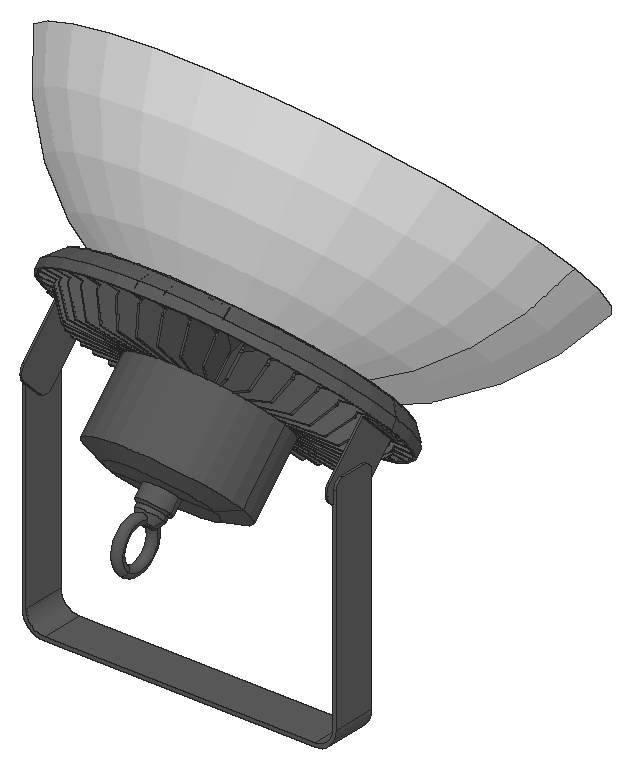
Revit family "0039365+0039353+0039356 Sylvania Lighting Fixture START HighBay IP65 DALI 13000lm 840 WB with BRACKET and ALU SHADE ALU COLOR FOR 13 19KLM", category Lighting Fixtures, host Face, Revit 2016 (continued)
Definition of nested family "Start LED Highbay DALI Head"
  Nested families
    nested 6: "Start Highbay Rib" at (0, 0, 80.875) x (0.7071, 0.7071, 0) z (0, 0, 1), type "Type Name", detail levels medium+fine
      with SuspensionHeight_FEILO 2.6 mm, WidthStraight_FEILO 4.7 mm, WidthRingChamfer_FEILO 12.9 mm, WidthCurved_FEILO 26.2 mm, WidthCurvedRing_FEILO 4.7 mm, SizeS_FEILO no, Rib4_FEILO 14.6 mm, Rib3_FEILO 20.2 mm, Rib2_FEILO 4.5 mm, Rib1_FEILO 19 mm, RadiusDiffuser_FEILO 120 mm, RHRadius3_FEILO 8.6 mm, RHRadius2_FEILO 14 mm, RHRadius1_FEILO 17.7 mm, RHHeight4_FEILO 9.2 mm, RHHeight3_FEILO 4.6 mm, RHHeight2_FEILO 2.6 mm, RHHeight1_FEILO 17.4 mm, HeightRing_FEILO 36.8 mm, HeightRingChamfer_FEILO 26.6 mm, EyeThickness_FEILO 10.5 mm, EyeThicknessHalf_FEILO 5.25 mm, EyeInner_FEILO 17.3 mm, DriverVerticalStraight_FEILO 57 mm, DriverVerticalChamfer_FEILO 9.5 mm, DriverRadius_FEILO 76.4 mm, DriverRadiusTop_FEILO 52.4 mm, DriverBottom_FEILO 74 mm, Radius_FEILO 169.5 mm
    nested 7: "Start Highbay Rib" at (0, 0, 80.875) x (0.5878, 0.809, 0) z (0, 0, 1), type "Type Name", detail levels medium+fine
      with SuspensionHeight_FEILO 2.6 mm, WidthStraight_FEILO 4.7 mm, WidthRingChamfer_FEILO 12.9 mm, WidthCurved_FEILO 26.2 mm, WidthCurvedRing_FEILO 4.7 mm, SizeS_FEILO no, Rib4_FEILO 14.6 mm, Rib3_FEILO 20.2 mm, Rib2_FEILO 4.5 mm, Rib1_FEILO 19 mm, RadiusDiffuser_FEILO 120 mm, RHRadius3_FEILO 8.6 mm, RHRadius2_FEILO 14 mm, RHRadius1_FEILO 17.7 mm, RHHeight4_FEILO 9.2 mm, RHHeight3_FEILO 4.6 mm, RHHeight2_FEILO 2.6 mm, RHHeight1_FEILO 17.4 mm, HeightRing_FEILO 36.8 mm, HeightRingChamfer_FEILO 26.6 mm, EyeThickness_FEILO 10.5 mm, EyeThicknessHalf_FEILO 5.25 mm, EyeInner_FEILO 17.3 mm, DriverVerticalStraight_FEILO 57 mm, DriverVerticalChamfer_FEILO 9.5 mm, DriverRadius_FEILO 76.4 mm, DriverRadiusTop_FEILO 52.4 mm, DriverBottom_FEILO 74 mm, Radius_FEILO 169.5 mm
    nested 8: "Start Highbay Rib" at (0, 0, 80.875) x (0.454, 0.891, 0) z (0, 0, 1), type "Type Name", detail levels medium+fine
      with SuspensionHeight_FEILO 2.6 mm, WidthStraight_FEILO 4.7 mm, WidthRingChamfer_FEILO 12.9 mm, WidthCurved_FEILO 26.2 mm, WidthCurvedRing_FEILO 4.7 mm, SizeS_FEILO no, Rib4_FEILO 14.6 mm, Rib3_FEILO 20.2 mm, Rib2_FEILO 4.5 mm, Rib1_FEILO 19 mm, RadiusDiffuser_FEILO 120 mm, RHRadius3_FEILO 8.6 mm, RHRadius2_FEILO 14 mm, RHRadius1_FEILO 17.7 mm, RHHeight4_FEILO 9.2 mm, RHHeight3_FEILO 4.6 mm, RHHeight2_FEILO 2.6 mm, RHHeight1_FEILO 17.4 mm, HeightRing_FEILO 36.8 mm, HeightRingChamfer_FEILO 26.6 mm, EyeThickness_FEILO 10.5 mm, EyeThicknessHalf_FEILO 5.25 mm, EyeInner_FEILO 17.3 mm, DriverVerticalStraight_FEILO 57 mm, DriverVerticalChamfer_FEILO 9.5 mm, DriverRadius_FEILO 76.4 mm, DriverRadiusTop_FEILO 52.4 mm, DriverBottom_FEILO 74 mm, Radius_FEILO 169.5 mm
    nested 9: "Start Highbay Rib" at (0, 0, 80.875) x (0.309, 0.9511, 0) z (0, 0, 1), type "Type Name", detail levels medium+fine
      with SuspensionHeight_FEILO 2.6 mm, WidthStraight_FEILO 4.7 mm, WidthRingChamfer_FEILO 12.9 mm, WidthCurved_FEILO 26.2 mm, WidthCurvedRing_FEILO 4.7 mm, SizeS_FEILO no, Rib4_FEILO 14.6 mm, Rib3_FEILO 20.2 mm, Rib2_FEILO 4.5 mm, Rib1_FEILO 19 mm, RadiusDiffuser_FEILO 120 mm, RHRadius3_FEILO 8.6 mm, RHRadius2_FEILO 14 mm, RHRadius1_FEILO 17.7 mm, RHHeight4_FEILO 9.2 mm, RHHeight3_FEILO 4.6 mm, RHHeight2_FEILO 2.6 mm, RHHeight1_FEILO 17.4 mm, HeightRing_FEILO 36.8 mm, HeightRingChamfer_FEILO 26.6 mm, EyeThickness_FEILO 10.5 mm, EyeThicknessHalf_FEILO 5.25 mm, EyeInner_FEILO 17.3 mm, DriverVerticalStraight_FEILO 57 mm, DriverVerticalChamfer_FEILO 9.5 mm, DriverRadius_FEILO 76.4 mm, DriverRadiusTop_FEILO 52.4 mm, DriverBottom_FEILO 74 mm, Radius_FEILO 169.5 mm
    nested 10: "Start Highbay Rib" at (0, 0, 80.875) x (0.1564, 0.9877, 0) z (0, 0, 1), type "Type Name", detail levels medium+fine
      with SuspensionHeight_FEILO 2.6 mm, WidthStraight_FEILO 4.7 mm, WidthRingChamfer_FEILO 12.9 mm, WidthCurved_FEILO 26.2 mm, WidthCurvedRing_FEILO 4.7 mm, SizeS_FEILO no, Rib4_FEILO 14.6 mm, Rib3_FEILO 20.2 mm, Rib2_FEILO 4.5 mm, Rib1_FEILO 19 mm, RadiusDiffuser_FEILO 120 mm, RHRadius3_FEILO 8.6 mm, RHRadius2_FEILO 14 mm, RHRadius1_FEILO 17.7 mm, RHHeight4_FEILO 9.2 mm, RHHeight3_FEILO 4.6 mm, RHHeight2_FEILO 2.6 mm, RHHeight1_FEILO 17.4 mm, HeightRing_FEILO 36.8 mm, HeightRingChamfer_FEILO 26.6 mm, EyeThickness_FEILO 10.5 mm, EyeThicknessHalf_FEILO 5.25 mm, EyeInner_FEILO 17.3 mm, DriverVerticalStraight_FEILO 57 mm, DriverVerticalChamfer_FEILO 9.5 mm, DriverRadius_FEILO 76.4 mm, DriverRadiusTop_FEILO 52.4 mm, DriverBottom_FEILO 74 mm, Radius_FEILO 169.5 mm
    nested 11: "Start Highbay Rib" at (0, 0, 80.875) x (0, 1, 0) z (0, 0, 1), type "Type Name", detail levels medium+fine
      with SuspensionHeight_FEILO 2.6 mm, WidthStraight_FEILO 4.7 mm, WidthRingChamfer_FEILO 12.9 mm, WidthCurved_FEILO 26.2 mm, WidthCurvedRing_FEILO 4.7 mm, SizeS_FEILO no, Rib4_FEILO 14.6 mm, Rib3_FEILO 20.2 mm, Rib2_FEILO 4.5 mm, Rib1_FEILO 19 mm, RadiusDiffuser_FEILO 120 mm, RHRadius3_FEILO 8.6 mm, RHRadius2_FEILO 14 mm, RHRadius1_FEILO 17.7 mm, RHHeight4_FEILO 9.2 mm, RHHeight3_FEILO 4.6 mm, RHHeight2_FEILO 2.6 mm, RHHeight1_FEILO 17.4 mm, HeightRing_FEILO 36.8 mm, HeightRingChamfer_FEILO 26.6 mm, EyeThickness_FEILO 10.5 mm, EyeThicknessHalf_FEILO 5.25 mm, EyeInner_FEILO 17.3 mm, DriverVerticalStraight_FEILO 57 mm, DriverVerticalChamfer_FEILO 9.5 mm, DriverRadius_FEILO 76.4 mm, DriverRadiusTop_FEILO 52.4 mm, DriverBottom_FEILO 74 mm, Radius_FEILO 169.5 mm
    nested 12: "Start Highbay Rib" at (0, 0, 80.875) x (-0.1564, 0.9877, 0) z (0, 0, 1), type "Type Name", detail levels medium+fine
      with SuspensionHeight_FEILO 2.6 mm, WidthStraight_FEILO 4.7 mm, WidthRingChamfer_FEILO 12.9 mm, WidthCurved_FEILO 26.2 mm, WidthCurvedRing_FEILO 4.7 mm, SizeS_FEILO no, Rib4_FEILO 14.6 mm, Rib3_FEILO 20.2 mm, Rib2_FEILO 4.5 mm, Rib1_FEILO 19 mm, RadiusDiffuser_FEILO 120 mm, RHRadius3_FEILO 8.6 mm, RHRadius2_FEILO 14 mm, RHRadius1_FEILO 17.7 mm, RHHeight4_FEILO 9.2 mm, RHHeight3_FEILO 4.6 mm, RHHeight2_FEILO 2.6 mm, RHHeight1_FEILO 17.4 mm, HeightRing_FEILO 36.8 mm, HeightRingChamfer_FEILO 26.6 mm, EyeThickness_FEILO 10.5 mm, EyeThicknessHalf_FEILO 5.25 mm, EyeInner_FEILO 17.3 mm, DriverVerticalStraight_FEILO 57 mm, DriverVerticalChamfer_FEILO 9.5 mm, DriverRadius_FEILO 76.4 mm, DriverRadiusTop_FEILO 52.4 mm, DriverBottom_FEILO 74 mm, Radius_FEILO 169.5 mm
    nested 13: "Start Highbay Rib" at (0, 0, 80.875) x (-0.309, 0.9511, 0) z (0, 0, 1), type "Type Name", detail levels medium+fine
      with SuspensionHeight_FEILO 2.6 mm, WidthStraight_FEILO 4.7 mm, WidthRingChamfer_FEILO 12.9 mm, WidthCurved_FEILO 26.2 mm, WidthCurvedRing_FEILO 4.7 mm, SizeS_FEILO no, Rib4_FEILO 14.6 mm, Rib3_FEILO 20.2 mm, Rib2_FEILO 4.5 mm, Rib1_FEILO 19 mm, RadiusDiffuser_FEILO 120 mm, RHRadius3_FEILO 8.6 mm, RHRadius2_FEILO 14 mm, RHRadius1_FEILO 17.7 mm, RHHeight4_FEILO 9.2 mm, RHHeight3_FEILO 4.6 mm, RHHeight2_FEILO 2.6 mm, RHHeight1_FEILO 17.4 mm, HeightRing_FEILO 36.8 mm, HeightRingChamfer_FEILO 26.6 mm, EyeThickness_FEILO 10.5 mm, EyeThicknessHalf_FEILO 5.25 mm, EyeInner_FEILO 17.3 mm, DriverVerticalStraight_FEILO 57 mm, DriverVerticalChamfer_FEILO 9.5 mm, DriverRadius_FEILO 76.4 mm, DriverRadiusTop_FEILO 52.4 mm, DriverBottom_FEILO 74 mm, Radius_FEILO 169.5 mm
    nested 14: "Start Highbay Rib" at (0, 0, 80.875) x (-0.454, 0.891, 0) z (0, 0, 1), type "Type Name", detail levels medium+fine
      with SuspensionHeight_FEILO 2.6 mm, WidthStraight_FEILO 4.7 mm, WidthRingChamfer_FEILO 12.9 mm, WidthCurved_FEILO 26.2 mm, WidthCurvedRing_FEILO 4.7 mm, SizeS_FEILO no, Rib4_FEILO 14.6 mm, Rib3_FEILO 20.2 mm, Rib2_FEILO 4.5 mm, Rib1_FEILO 19 mm, RadiusDiffuser_FEILO 120 mm, RHRadius3_FEILO 8.6 mm, RHRadius2_FEILO 14 mm, RHRadius1_FEILO 17.7 mm, RHHeight4_FEILO 9.2 mm, RHHeight3_FEILO 4.6 mm, RHHeight2_FEILO 2.6 mm, RHHeight1_FEILO 17.4 mm, HeightRing_FEILO 36.8 mm, HeightRingChamfer_FEILO 26.6 mm, EyeThickness_FEILO 10.5 mm, EyeThicknessHalf_FEILO 5.25 mm, EyeInner_FEILO 17.3 mm, DriverVerticalStraight_FEILO 57 mm, DriverVerticalChamfer_FEILO 9.5 mm, DriverRadius_FEILO 76.4 mm, DriverRadiusTop_FEILO 52.4 mm, DriverBottom_FEILO 74 mm, Radius_FEILO 169.5 mm
    nested 15: "Start Highbay Rib" at (0, 0, 80.875) x (-0.5878, 0.809, 0) z (0, 0, 1), type "Type Name", detail levels medium+fine
      with SuspensionHeight_FEILO 2.6 mm, WidthStraight_FEILO 4.7 mm, WidthRingChamfer_FEILO 12.9 mm, WidthCurved_FEILO 26.2 mm, WidthCurvedRing_FEILO 4.7 mm, SizeS_FEILO no, Rib4_FEILO 14.6 mm, Rib3_FEILO 20.2 mm, Rib2_FEILO 4.5 mm, Rib1_FEILO 19 mm, RadiusDiffuser_FEILO 120 mm, RHRadius3_FEILO 8.6 mm, RHRadius2_FEILO 14 mm, RHRadius1_FEILO 17.7 mm, RHHeight4_FEILO 9.2 mm, RHHeight3_FEILO 4.6 mm, RHHeight2_FEILO 2.6 mm, RHHeight1_FEILO 17.4 mm, HeightRing_FEILO 36.8 mm, HeightRingChamfer_FEILO 26.6 mm, EyeThickness_FEILO 10.5 mm, EyeThicknessHalf_FEILO 5.25 mm, EyeInner_FEILO 17.3 mm, DriverVerticalStraight_FEILO 57 mm, DriverVerticalChamfer_FEILO 9.5 mm, DriverRadius_FEILO 76.4 mm, DriverRadiusTop_FEILO 52.4 mm, DriverBottom_FEILO 74 mm, Radius_FEILO 169.5 mm
    nested 16: "Start Highbay Rib" at (0, 0, 80.875) x (-0.7071, 0.7071, 0) z (0, 0, 1), type "Type Name", detail levels medium+fine
      with SuspensionHeight_FEILO 2.6 mm, WidthStraight_FEILO 4.7 mm, WidthRingChamfer_FEILO 12.9 mm, WidthCurved_FEILO 26.2 mm, WidthCurvedRing_FEILO 4.7 mm, SizeS_FEILO no, Rib4_FEILO 14.6 mm, Rib3_FEILO 20.2 mm, Rib2_FEILO 4.5 mm, Rib1_FEILO 19 mm, RadiusDiffuser_FEILO 120 mm, RHRadius3_FEILO 8.6 mm, RHRadius2_FEILO 14 mm, RHRadius1_FEILO 17.7 mm, RHHeight4_FEILO 9.2 mm, RHHeight3_FEILO 4.6 mm, RHHeight2_FEILO 2.6 mm, RHHeight1_FEILO 17.4 mm, HeightRing_FEILO 36.8 mm, HeightRingChamfer_FEILO 26.6 mm, EyeThickness_FEILO 10.5 mm, EyeThicknessHalf_FEILO 5.25 mm, EyeInner_FEILO 17.3 mm, DriverVerticalStraight_FEILO 57 mm, DriverVerticalChamfer_FEILO 9.5 mm, DriverRadius_FEILO 76.4 mm, DriverRadiusTop_FEILO 52.4 mm, DriverBottom_FEILO 74 mm, Radius_FEILO 169.5 mm
    nested 17: "Start Highbay Rib" at (0, 0, 80.875) x (-0.809, 0.5878, 0) z (0, 0, 1), type "Type Name", detail levels medium+fine
      with SuspensionHeight_FEILO 2.6 mm, WidthStraight_FEILO 4.7 mm, WidthRingChamfer_FEILO 12.9 mm, WidthCurved_FEILO 26.2 mm, WidthCurvedRing_FEILO 4.7 mm, SizeS_FEILO no, Rib4_FEILO 14.6 mm, Rib3_FEILO 20.2 mm, Rib2_FEILO 4.5 mm, Rib1_FEILO 19 mm, RadiusDiffuser_FEILO 120 mm, RHRadius3_FEILO 8.6 mm, RHRadius2_FEILO 14 mm, RHRadius1_FEILO 17.7 mm, RHHeight4_FEILO 9.2 mm, RHHeight3_FEILO 4.6 mm, RHHeight2_FEILO 2.6 mm, RHHeight1_FEILO 17.4 mm, HeightRing_FEILO 36.8 mm, HeightRingChamfer_FEILO 26.6 mm, EyeThickness_FEILO 10.5 mm, EyeThicknessHalf_FEILO 5.25 mm, EyeInner_FEILO 17.3 mm, DriverVerticalStraight_FEILO 57 mm, DriverVerticalChamfer_FEILO 9.5 mm, DriverRadius_FEILO 76.4 mm, DriverRadiusTop_FEILO 52.4 mm, DriverBottom_FEILO 74 mm, Radius_FEILO 169.5 mm
    nested 18: "Start Highbay Rib" at (0, 0, 80.875) x (-0.891, 0.454, 0) z (0, 0, 1), type "Type Name", detail levels medium+fine
      with SuspensionHeight_FEILO 2.6 mm, WidthStraight_FEILO 4.7 mm, WidthRingChamfer_FEILO 12.9 mm, WidthCurved_FEILO 26.2 mm, WidthCurvedRing_FEILO 4.7 mm, SizeS_FEILO no, Rib4_FEILO 14.6 mm, Rib3_FEILO 20.2 mm, Rib2_FEILO 4.5 mm, Rib1_FEILO 19 mm, RadiusDiffuser_FEILO 120 mm, RHRadius3_FEILO 8.6 mm, RHRadius2_FEILO 14 mm, RHRadius1_FEILO 17.7 mm, RHHeight4_FEILO 9.2 mm, RHHeight3_FEILO 4.6 mm, RHHeight2_FEILO 2.6 mm, RHHeight1_FEILO 17.4 mm, HeightRing_FEILO 36.8 mm, HeightRingChamfer_FEILO 26.6 mm, EyeThickness_FEILO 10.5 mm, EyeThicknessHalf_FEILO 5.25 mm, EyeInner_FEILO 17.3 mm, DriverVerticalStraight_FEILO 57 mm, DriverVerticalChamfer_FEILO 9.5 mm, DriverRadius_FEILO 76.4 mm, DriverRadiusTop_FEILO 52.4 mm, DriverBottom_FEILO 74 mm, Radius_FEILO 169.5 mm
    nested 19: "Start Highbay Rib" at (0, 0, 80.875) x (-0.9511, 0.309, 0) z (0, 0, 1), type "Type Name", detail levels medium+fine
      with SuspensionHeight_FEILO 2.6 mm, WidthStraight_FEILO 4.7 mm, WidthRingChamfer_FEILO 12.9 mm, WidthCurved_FEILO 26.2 mm, WidthCurvedRing_FEILO 4.7 mm, SizeS_FEILO no, Rib4_FEILO 14.6 mm, Rib3_FEILO 20.2 mm, Rib2_FEILO 4.5 mm, Rib1_FEILO 19 mm, RadiusDiffuser_FEILO 120 mm, RHRadius3_FEILO 8.6 mm, RHRadius2_FEILO 14 mm, RHRadius1_FEILO 17.7 mm, RHHeight4_FEILO 9.2 mm, RHHeight3_FEILO 4.6 mm, RHHeight2_FEILO 2.6 mm, RHHeight1_FEILO 17.4 mm, HeightRing_FEILO 36.8 mm, HeightRingChamfer_FEILO 26.6 mm, EyeThickness_FEILO 10.5 mm, EyeThicknessHalf_FEILO 5.25 mm, EyeInner_FEILO 17.3 mm, DriverVerticalStraight_FEILO 57 mm, DriverVerticalChamfer_FEILO 9.5 mm, DriverRadius_FEILO 76.4 mm, DriverRadiusTop_FEILO 52.4 mm, DriverBottom_FEILO 74 mm, Radius_FEILO 169.5 mm
    nested 20: "Start Highbay Rib" at (0, 0, 80.875) x (-0.9877, 0.1564, 0) z (0, 0, 1), type "Type Name", detail levels medium+fine
      with SuspensionHeight_FEILO 2.6 mm, WidthStraight_FEILO 4.7 mm, WidthRingChamfer_FEILO 12.9 mm, WidthCurved_FEILO 26.2 mm, WidthCurvedRing_FEILO 4.7 mm, SizeS_FEILO no, Rib4_FEILO 14.6 mm, Rib3_FEILO 20.2 mm, Rib2_FEILO 4.5 mm, Rib1_FEILO 19 mm, RadiusDiffuser_FEILO 120 mm, RHRadius3_FEILO 8.6 mm, RHRadius2_FEILO 14 mm, RHRadius1_FEILO 17.7 mm, RHHeight4_FEILO 9.2 mm, RHHeight3_FEILO 4.6 mm, RHHeight2_FEILO 2.6 mm, RHHeight1_FEILO 17.4 mm, HeightRing_FEILO 36.8 mm, HeightRingChamfer_FEILO 26.6 mm, EyeThickness_FEILO 10.5 mm, EyeThicknessHalf_FEILO 5.25 mm, EyeInner_FEILO 17.3 mm, DriverVerticalStraight_FEILO 57 mm, DriverVerticalChamfer_FEILO 9.5 mm, DriverRadius_FEILO 76.4 mm, DriverRadiusTop_FEILO 52.4 mm, DriverBottom_FEILO 74 mm, Radius_FEILO 169.5 mm
    nested 21: "Start Highbay Rib" at (0, 0, 80.875) x (-1, 0, 0) z (0, 0, 1), type "Type Name", detail levels medium+fine
      with SuspensionHeight_FEILO 2.6 mm, WidthStraight_FEILO 4.7 mm, WidthRingChamfer_FEILO 12.9 mm, WidthCurved_FEILO 26.2 mm, WidthCurvedRing_FEILO 4.7 mm, SizeS_FEILO no, Rib4_FEILO 14.6 mm, Rib3_FEILO 20.2 mm, Rib2_FEILO 4.5 mm, Rib1_FEILO 19 mm, RadiusDiffuser_FEILO 120 mm, RHRadius3_FEILO 8.6 mm, RHRadius2_FEILO 14 mm, RHRadius1_FEILO 17.7 mm, RHHeight4_FEILO 9.2 mm, RHHeight3_FEILO 4.6 mm, RHHeight2_FEILO 2.6 mm, RHHeight1_FEILO 17.4 mm, HeightRing_FEILO 36.8 mm, HeightRingChamfer_FEILO 26.6 mm, EyeThickness_FEILO 10.5 mm, EyeThicknessHalf_FEILO 5.25 mm, EyeInner_FEILO 17.3 mm, DriverVerticalStraight_FEILO 57 mm, DriverVerticalChamfer_FEILO 9.5 mm, DriverRadius_FEILO 76.4 mm, DriverRadiusTop_FEILO 52.4 mm, DriverBottom_FEILO 74 mm, Radius_FEILO 169.5 mm
    nested 22: "Start Highbay Rib" at (0, 0, 80.875) x (-0.9877, -0.1564, 0) z (0, 0, 1), type "Type Name", detail levels medium+fine
      with SuspensionHeight_FEILO 2.6 mm, WidthStraight_FEILO 4.7 mm, WidthRingChamfer_FEILO 12.9 mm, WidthCurved_FEILO 26.2 mm, WidthCurvedRing_FEILO 4.7 mm, SizeS_FEILO no, Rib4_FEILO 14.6 mm, Rib3_FEILO 20.2 mm, Rib2_FEILO 4.5 mm, Rib1_FEILO 19 mm, RadiusDiffuser_FEILO 120 mm, RHRadius3_FEILO 8.6 mm, RHRadius2_FEILO 14 mm, RHRadius1_FEILO 17.7 mm, RHHeight4_FEILO 9.2 mm, RHHeight3_FEILO 4.6 mm, RHHeight2_FEILO 2.6 mm, RHHeight1_FEILO 17.4 mm, HeightRing_FEILO 36.8 mm, HeightRingChamfer_FEILO 26.6 mm, EyeThickness_FEILO 10.5 mm, EyeThicknessHalf_FEILO 5.25 mm, EyeInner_FEILO 17.3 mm, DriverVerticalStraight_FEILO 57 mm, DriverVerticalChamfer_FEILO 9.5 mm, DriverRadius_FEILO 76.4 mm, DriverRadiusTop_FEILO 52.4 mm, DriverBottom_FEILO 74 mm, Radius_FEILO 169.5 mm
    nested 23: "Start Highbay Rib" at (0, 0, 80.875) x (-0.9511, -0.309, 0) z (0, 0, 1), type "Type Name", detail levels medium+fine
      with SuspensionHeight_FEILO 2.6 mm, WidthStraight_FEILO 4.7 mm, WidthRingChamfer_FEILO 12.9 mm, WidthCurved_FEILO 26.2 mm, WidthCurvedRing_FEILO 4.7 mm, SizeS_FEILO no, Rib4_FEILO 14.6 mm, Rib3_FEILO 20.2 mm, Rib2_FEILO 4.5 mm, Rib1_FEILO 19 mm, RadiusDiffuser_FEILO 120 mm, RHRadius3_FEILO 8.6 mm, RHRadius2_FEILO 14 mm, RHRadius1_FEILO 17.7 mm, RHHeight4_FEILO 9.2 mm, RHHeight3_FEILO 4.6 mm, RHHeight2_FEILO 2.6 mm, RHHeight1_FEILO 17.4 mm, HeightRing_FEILO 36.8 mm, HeightRingChamfer_FEILO 26.6 mm, EyeThickness_FEILO 10.5 mm, EyeThicknessHalf_FEILO 5.25 mm, EyeInner_FEILO 17.3 mm, DriverVerticalStraight_FEILO 57 mm, DriverVerticalChamfer_FEILO 9.5 mm, DriverRadius_FEILO 76.4 mm, DriverRadiusTop_FEILO 52.4 mm, DriverBottom_FEILO 74 mm, Radius_FEILO 169.5 mm
    nested 24: "Start Highbay Rib" at (0, 0, 80.875) x (-0.891, -0.454, 0) z (0, 0, 1), type "Type Name", detail levels medium+fine
      with SuspensionHeight_FEILO 2.6 mm, WidthStraight_FEILO 4.7 mm, WidthRingChamfer_FEILO 12.9 mm, WidthCurved_FEILO 26.2 mm, WidthCurvedRing_FEILO 4.7 mm, SizeS_FEILO no, Rib4_FEILO 14.6 mm, Rib3_FEILO 20.2 mm, Rib2_FEILO 4.5 mm, Rib1_FEILO 19 mm, RadiusDiffuser_FEILO 120 mm, RHRadius3_FEILO 8.6 mm, RHRadius2_FEILO 14 mm, RHRadius1_FEILO 17.7 mm, RHHeight4_FEILO 9.2 mm, RHHeight3_FEILO 4.6 mm, RHHeight2_FEILO 2.6 mm, RHHeight1_FEILO 17.4 mm, HeightRing_FEILO 36.8 mm, HeightRingChamfer_FEILO 26.6 mm, EyeThickness_FEILO 10.5 mm, EyeThicknessHalf_FEILO 5.25 mm, EyeInner_FEILO 17.3 mm, DriverVerticalStraight_FEILO 57 mm, DriverVerticalChamfer_FEILO 9.5 mm, DriverRadius_FEILO 76.4 mm, DriverRadiusTop_FEILO 52.4 mm, DriverBottom_FEILO 74 mm, Radius_FEILO 169.5 mm
    nested 25: "Start Highbay Rib" at (0, 0, 80.875) x (-0.809, -0.5878, 0) z (0, 0, 1), type "Type Name", detail levels medium+fine
      with SuspensionHeight_FEILO 2.6 mm, WidthStraight_FEILO 4.7 mm, WidthRingChamfer_FEILO 12.9 mm, WidthCurved_FEILO 26.2 mm, WidthCurvedRing_FEILO 4.7 mm, SizeS_FEILO no, Rib4_FEILO 14.6 mm, Rib3_FEILO 20.2 mm, Rib2_FEILO 4.5 mm, Rib1_FEILO 19 mm, RadiusDiffuser_FEILO 120 mm, RHRadius3_FEILO 8.6 mm, RHRadius2_FEILO 14 mm, RHRadius1_FEILO 17.7 mm, RHHeight4_FEILO 9.2 mm, RHHeight3_FEILO 4.6 mm, RHHeight2_FEILO 2.6 mm, RHHeight1_FEILO 17.4 mm, HeightRing_FEILO 36.8 mm, HeightRingChamfer_FEILO 26.6 mm, EyeThickness_FEILO 10.5 mm, EyeThicknessHalf_FEILO 5.25 mm, EyeInner_FEILO 17.3 mm, DriverVerticalStraight_FEILO 57 mm, DriverVerticalChamfer_FEILO 9.5 mm, DriverRadius_FEILO 76.4 mm, DriverRadiusTop_FEILO 52.4 mm, DriverBottom_FEILO 74 mm, Radius_FEILO 169.5 mm
    nested 26: "Start Highbay Rib" at (0, 0, 80.875) x (-0.7071, -0.7071, 0) z (0, 0, 1), type "Type Name", detail levels medium+fine
      with SuspensionHeight_FEILO 2.6 mm, WidthStraight_FEILO 4.7 mm, WidthRingChamfer_FEILO 12.9 mm, WidthCurved_FEILO 26.2 mm, WidthCurvedRing_FEILO 4.7 mm, SizeS_FEILO no, Rib4_FEILO 14.6 mm, Rib3_FEILO 20.2 mm, Rib2_FEILO 4.5 mm, Rib1_FEILO 19 mm, RadiusDiffuser_FEILO 120 mm, RHRadius3_FEILO 8.6 mm, RHRadius2_FEILO 14 mm, RHRadius1_FEILO 17.7 mm, RHHeight4_FEILO 9.2 mm, RHHeight3_FEILO 4.6 mm, RHHeight2_FEILO 2.6 mm, RHHeight1_FEILO 17.4 mm, HeightRing_FEILO 36.8 mm, HeightRingChamfer_FEILO 26.6 mm, EyeThickness_FEILO 10.5 mm, EyeThicknessHalf_FEILO 5.25 mm, EyeInner_FEILO 17.3 mm, DriverVerticalStraight_FEILO 57 mm, DriverVerticalChamfer_FEILO 9.5 mm, DriverRadius_FEILO 76.4 mm, DriverRadiusTop_FEILO 52.4 mm, DriverBottom_FEILO 74 mm, Radius_FEILO 169.5 mm
    nested 27: "Start Highbay Rib" at (0, 0, 80.875) x (-0.5878, -0.809, 0) z (0, 0, 1), type "Type Name", detail levels medium+fine
      with SuspensionHeight_FEILO 2.6 mm, WidthStraight_FEILO 4.7 mm, WidthRingChamfer_FEILO 12.9 mm, WidthCurved_FEILO 26.2 mm, WidthCurvedRing_FEILO 4.7 mm, SizeS_FEILO no, Rib4_FEILO 14.6 mm, Rib3_FEILO 20.2 mm, Rib2_FEILO 4.5 mm, Rib1_FEILO 19 mm, RadiusDiffuser_FEILO 120 mm, RHRadius3_FEILO 8.6 mm, RHRadius2_FEILO 14 mm, RHRadius1_FEILO 17.7 mm, RHHeight4_FEILO 9.2 mm, RHHeight3_FEILO 4.6 mm, RHHeight2_FEILO 2.6 mm, RHHeight1_FEILO 17.4 mm, HeightRing_FEILO 36.8 mm, HeightRingChamfer_FEILO 26.6 mm, EyeThickness_FEILO 10.5 mm, EyeThicknessHalf_FEILO 5.25 mm, EyeInner_FEILO 17.3 mm, DriverVerticalStraight_FEILO 57 mm, DriverVerticalChamfer_FEILO 9.5 mm, DriverRadius_FEILO 76.4 mm, DriverRadiusTop_FEILO 52.4 mm, DriverBottom_FEILO 74 mm, Radius_FEILO 169.5 mm
    nested 28: "Start Highbay Rib" at (0, 0, 80.875) x (-0.454, -0.891, 0) z (0, 0, 1), type "Type Name", detail levels medium+fine
      with SuspensionHeight_FEILO 2.6 mm, WidthStraight_FEILO 4.7 mm, WidthRingChamfer_FEILO 12.9 mm, WidthCurved_FEILO 26.2 mm, WidthCurvedRing_FEILO 4.7 mm, SizeS_FEILO no, Rib4_FEILO 14.6 mm, Rib3_FEILO 20.2 mm, Rib2_FEILO 4.5 mm, Rib1_FEILO 19 mm, RadiusDiffuser_FEILO 120 mm, RHRadius3_FEILO 8.6 mm, RHRadius2_FEILO 14 mm, RHRadius1_FEILO 17.7 mm, RHHeight4_FEILO 9.2 mm, RHHeight3_FEILO 4.6 mm, RHHeight2_FEILO 2.6 mm, RHHeight1_FEILO 17.4 mm, HeightRing_FEILO 36.8 mm, HeightRingChamfer_FEILO 26.6 mm, EyeThickness_FEILO 10.5 mm, EyeThicknessHalf_FEILO 5.25 mm, EyeInner_FEILO 17.3 mm, DriverVerticalStraight_FEILO 57 mm, DriverVerticalChamfer_FEILO 9.5 mm, DriverRadius_FEILO 76.4 mm, DriverRadiusTop_FEILO 52.4 mm, DriverBottom_FEILO 74 mm, Radius_FEILO 169.5 mm
    nested 29: "Start Highbay Rib" at (0, 0, 80.875) x (-0.309, -0.9511, 0) z (0, 0, 1), type "Type Name", detail levels medium+fine
      with SuspensionHeight_FEILO 2.6 mm, WidthStraight_FEILO 4.7 mm, WidthRingChamfer_FEILO 12.9 mm, WidthCurved_FEILO 26.2 mm, WidthCurvedRing_FEILO 4.7 mm, SizeS_FEILO no, Rib4_FEILO 14.6 mm, Rib3_FEILO 20.2 mm, Rib2_FEILO 4.5 mm, Rib1_FEILO 19 mm, RadiusDiffuser_FEILO 120 mm, RHRadius3_FEILO 8.6 mm, RHRadius2_FEILO 14 mm, RHRadius1_FEILO 17.7 mm, RHHeight4_FEILO 9.2 mm, RHHeight3_FEILO 4.6 mm, RHHeight2_FEILO 2.6 mm, RHHeight1_FEILO 17.4 mm, HeightRing_FEILO 36.8 mm, HeightRingChamfer_FEILO 26.6 mm, EyeThickness_FEILO 10.5 mm, EyeThicknessHalf_FEILO 5.25 mm, EyeInner_FEILO 17.3 mm, DriverVerticalStraight_FEILO 57 mm, DriverVerticalChamfer_FEILO 9.5 mm, DriverRadius_FEILO 76.4 mm, DriverRadiusTop_FEILO 52.4 mm, DriverBottom_FEILO 74 mm, Radius_FEILO 169.5 mm
    nested 30: "Start Highbay Rib" at (0, 0, 80.875) x (-0.1564, -0.9877, 0) z (0, 0, 1), type "Type Name", detail levels medium+fine
      with SuspensionHeight_FEILO 2.6 mm, WidthStraight_FEILO 4.7 mm, WidthRingChamfer_FEILO 12.9 mm, WidthCurved_FEILO 26.2 mm, WidthCurvedRing_FEILO 4.7 mm, SizeS_FEILO no, Rib4_FEILO 14.6 mm, Rib3_FEILO 20.2 mm, Rib2_FEILO 4.5 mm, Rib1_FEILO 19 mm, RadiusDiffuser_FEILO 120 mm, RHRadius3_FEILO 8.6 mm, RHRadius2_FEILO 14 mm, RHRadius1_FEILO 17.7 mm, RHHeight4_FEILO 9.2 mm, RHHeight3_FEILO 4.6 mm, RHHeight2_FEILO 2.6 mm, RHHeight1_FEILO 17.4 mm, HeightRing_FEILO 36.8 mm, HeightRingChamfer_FEILO 26.6 mm, EyeThickness_FEILO 10.5 mm, EyeThicknessHalf_FEILO 5.25 mm, EyeInner_FEILO 17.3 mm, DriverVerticalStraight_FEILO 57 mm, DriverVerticalChamfer_FEILO 9.5 mm, DriverRadius_FEILO 76.4 mm, DriverRadiusTop_FEILO 52.4 mm, DriverBottom_FEILO 74 mm, Radius_FEILO 169.5 mm
    nested 31: "Start Highbay Rib" at (0, 0, 80.875) x (0, -1, 0) z (0, 0, 1), type "Type Name", detail levels medium+fine
      with SuspensionHeight_FEILO 2.6 mm, WidthStraight_FEILO 4.7 mm, WidthRingChamfer_FEILO 12.9 mm, WidthCurved_FEILO 26.2 mm, WidthCurvedRing_FEILO 4.7 mm, SizeS_FEILO no, Rib4_FEILO 14.6 mm, Rib3_FEILO 20.2 mm, Rib2_FEILO 4.5 mm, Rib1_FEILO 19 mm, RadiusDiffuser_FEILO 120 mm, RHRadius3_FEILO 8.6 mm, RHRadius2_FEILO 14 mm, RHRadius1_FEILO 17.7 mm, RHHeight4_FEILO 9.2 mm, RHHeight3_FEILO 4.6 mm, RHHeight2_FEILO 2.6 mm, RHHeight1_FEILO 17.4 mm, HeightRing_FEILO 36.8 mm, HeightRingChamfer_FEILO 26.6 mm, EyeThickness_FEILO 10.5 mm, EyeThicknessHalf_FEILO 5.25 mm, EyeInner_FEILO 17.3 mm, DriverVerticalStraight_FEILO 57 mm, DriverVerticalChamfer_FEILO 9.5 mm, DriverRadius_FEILO 76.4 mm, DriverRadiusTop_FEILO 52.4 mm, DriverBottom_FEILO 74 mm, Radius_FEILO 169.5 mm
    nested 32: "Start Highbay Rib" at (0, 0, 80.875) x (0.1564, -0.9877, 0) z (0, 0, 1), type "Type Name", detail levels medium+fine
      with SuspensionHeight_FEILO 2.6 mm, WidthStraight_FEILO 4.7 mm, WidthRingChamfer_FEILO 12.9 mm, WidthCurved_FEILO 26.2 mm, WidthCurvedRing_FEILO 4.7 mm, SizeS_FEILO no, Rib4_FEILO 14.6 mm, Rib3_FEILO 20.2 mm, Rib2_FEILO 4.5 mm, Rib1_FEILO 19 mm, RadiusDiffuser_FEILO 120 mm, RHRadius3_FEILO 8.6 mm, RHRadius2_FEILO 14 mm, RHRadius1_FEILO 17.7 mm, RHHeight4_FEILO 9.2 mm, RHHeight3_FEILO 4.6 mm, RHHeight2_FEILO 2.6 mm, RHHeight1_FEILO 17.4 mm, HeightRing_FEILO 36.8 mm, HeightRingChamfer_FEILO 26.6 mm, EyeThickness_FEILO 10.5 mm, EyeThicknessHalf_FEILO 5.25 mm, EyeInner_FEILO 17.3 mm, DriverVerticalStraight_FEILO 57 mm, DriverVerticalChamfer_FEILO 9.5 mm, DriverRadius_FEILO 76.4 mm, DriverRadiusTop_FEILO 52.4 mm, DriverBottom_FEILO 74 mm, Radius_FEILO 169.5 mm
    nested 33: "Start Highbay Rib" at (0, 0, 80.875) x (0.309, -0.9511, 0) z (0, 0, 1), type "Type Name", detail levels medium+fine
      with SuspensionHeight_FEILO 2.6 mm, WidthStraight_FEILO 4.7 mm, WidthRingChamfer_FEILO 12.9 mm, WidthCurved_FEILO 26.2 mm, WidthCurvedRing_FEILO 4.7 mm, SizeS_FEILO no, Rib4_FEILO 14.6 mm, Rib3_FEILO 20.2 mm, Rib2_FEILO 4.5 mm, Rib1_FEILO 19 mm, RadiusDiffuser_FEILO 120 mm, RHRadius3_FEILO 8.6 mm, RHRadius2_FEILO 14 mm, RHRadius1_FEILO 17.7 mm, RHHeight4_FEILO 9.2 mm, RHHeight3_FEILO 4.6 mm, RHHeight2_FEILO 2.6 mm, RHHeight1_FEILO 17.4 mm, HeightRing_FEILO 36.8 mm, HeightRingChamfer_FEILO 26.6 mm, EyeThickness_FEILO 10.5 mm, EyeThicknessHalf_FEILO 5.25 mm, EyeInner_FEILO 17.3 mm, DriverVerticalStraight_FEILO 57 mm, DriverVerticalChamfer_FEILO 9.5 mm, DriverRadius_FEILO 76.4 mm, DriverRadiusTop_FEILO 52.4 mm, DriverBottom_FEILO 74 mm, Radius_FEILO 169.5 mm
    nested 34: "Start Highbay Rib" at (0, 0, 80.875) x (0.454, -0.891, 0) z (0, 0, 1), type "Type Name", detail levels medium+fine
      with SuspensionHeight_FEILO 2.6 mm, WidthStraight_FEILO 4.7 mm, WidthRingChamfer_FEILO 12.9 mm, WidthCurved_FEILO 26.2 mm, WidthCurvedRing_FEILO 4.7 mm, SizeS_FEILO no, Rib4_FEILO 14.6 mm, Rib3_FEILO 20.2 mm, Rib2_FEILO 4.5 mm, Rib1_FEILO 19 mm, RadiusDiffuser_FEILO 120 mm, RHRadius3_FEILO 8.6 mm, RHRadius2_FEILO 14 mm, RHRadius1_FEILO 17.7 mm, RHHeight4_FEILO 9.2 mm, RHHeight3_FEILO 4.6 mm, RHHeight2_FEILO 2.6 mm, RHHeight1_FEILO 17.4 mm, HeightRing_FEILO 36.8 mm, HeightRingChamfer_FEILO 26.6 mm, EyeThickness_FEILO 10.5 mm, EyeThicknessHalf_FEILO 5.25 mm, EyeInner_FEILO 17.3 mm, DriverVerticalStraight_FEILO 57 mm, DriverVerticalChamfer_FEILO 9.5 mm, DriverRadius_FEILO 76.4 mm, DriverRadiusTop_FEILO 52.4 mm, DriverBottom_FEILO 74 mm, Radius_FEILO 169.5 mm
    nested 35: "Start Highbay Rib" at (0, 0, 80.875) x (0.5878, -0.809, 0) z (0, 0, 1), type "Type Name", detail levels medium+fine
      with SuspensionHeight_FEILO 2.6 mm, WidthStraight_FEILO 4.7 mm, WidthRingChamfer_FEILO 12.9 mm, WidthCurved_FEILO 26.2 mm, WidthCurvedRing_FEILO 4.7 mm, SizeS_FEILO no, Rib4_FEILO 14.6 mm, Rib3_FEILO 20.2 mm, Rib2_FEILO 4.5 mm, Rib1_FEILO 19 mm, RadiusDiffuser_FEILO 120 mm, RHRadius3_FEILO 8.6 mm, RHRadius2_FEILO 14 mm, RHRadius1_FEILO 17.7 mm, RHHeight4_FEILO 9.2 mm, RHHeight3_FEILO 4.6 mm, RHHeight2_FEILO 2.6 mm, RHHeight1_FEILO 17.4 mm, HeightRing_FEILO 36.8 mm, HeightRingChamfer_FEILO 26.6 mm, EyeThickness_FEILO 10.5 mm, EyeThicknessHalf_FEILO 5.25 mm, EyeInner_FEILO 17.3 mm, DriverVerticalStraight_FEILO 57 mm, DriverVerticalChamfer_FEILO 9.5 mm, DriverRadius_FEILO 76.4 mm, DriverRadiusTop_FEILO 52.4 mm, DriverBottom_FEILO 74 mm, Radius_FEILO 169.5 mm
    nested 36: "Start Highbay Rib" at (0, 0, 80.875) x (0.7071, -0.7071, 0) z (0, 0, 1), type "Type Name", detail levels medium+fine
      with SuspensionHeight_FEILO 2.6 mm, WidthStraight_FEILO 4.7 mm, WidthRingChamfer_FEILO 12.9 mm, WidthCurved_FEILO 26.2 mm, WidthCurvedRing_FEILO 4.7 mm, SizeS_FEILO no, Rib4_FEILO 14.6 mm, Rib3_FEILO 20.2 mm, Rib2_FEILO 4.5 mm, Rib1_FEILO 19 mm, RadiusDiffuser_FEILO 120 mm, RHRadius3_FEILO 8.6 mm, RHRadius2_FEILO 14 mm, RHRadius1_FEILO 17.7 mm, RHHeight4_FEILO 9.2 mm, RHHeight3_FEILO 4.6 mm, RHHeight2_FEILO 2.6 mm, RHHeight1_FEILO 17.4 mm, HeightRing_FEILO 36.8 mm, HeightRingChamfer_FEILO 26.6 mm, EyeThickness_FEILO 10.5 mm, EyeThicknessHalf_FEILO 5.25 mm, EyeInner_FEILO 17.3 mm, DriverVerticalStraight_FEILO 57 mm, DriverVerticalChamfer_FEILO 9.5 mm, DriverRadius_FEILO 76.4 mm, DriverRadiusTop_FEILO 52.4 mm, DriverBottom_FEILO 74 mm, Radius_FEILO 169.5 mm
    nested 37: "Start Highbay Rib" at (0, 0, 80.875) x (0.809, -0.5878, 0) z (0, 0, 1), type "Type Name", detail levels medium+fine
      with SuspensionHeight_FEILO 2.6 mm, WidthStraight_FEILO 4.7 mm, WidthRingChamfer_FEILO 12.9 mm, WidthCurved_FEILO 26.2 mm, WidthCurvedRing_FEILO 4.7 mm, SizeS_FEILO no, Rib4_FEILO 14.6 mm, Rib3_FEILO 20.2 mm, Rib2_FEILO 4.5 mm, Rib1_FEILO 19 mm, RadiusDiffuser_FEILO 120 mm, RHRadius3_FEILO 8.6 mm, RHRadius2_FEILO 14 mm, RHRadius1_FEILO 17.7 mm, RHHeight4_FEILO 9.2 mm, RHHeight3_FEILO 4.6 mm, RHHeight2_FEILO 2.6 mm, RHHeight1_FEILO 17.4 mm, HeightRing_FEILO 36.8 mm, HeightRingChamfer_FEILO 26.6 mm, EyeThickness_FEILO 10.5 mm, EyeThicknessHalf_FEILO 5.25 mm, EyeInner_FEILO 17.3 mm, DriverVerticalStraight_FEILO 57 mm, DriverVerticalChamfer_FEILO 9.5 mm, DriverRadius_FEILO 76.4 mm, DriverRadiusTop_FEILO 52.4 mm, DriverBottom_FEILO 74 mm, Radius_FEILO 169.5 mm
    nested 38: "Start Highbay Rib" at (0, 0, 80.875) x (0.891, -0.454, 0) z (0, 0, 1), type "Type Name", detail levels medium+fine
      with SuspensionHeight_FEILO 2.6 mm, WidthStraight_FEILO 4.7 mm, WidthRingChamfer_FEILO 12.9 mm, WidthCurved_FEILO 26.2 mm, WidthCurvedRing_FEILO 4.7 mm, SizeS_FEILO no, Rib4_FEILO 14.6 mm, Rib3_FEILO 20.2 mm, Rib2_FEILO 4.5 mm, Rib1_FEILO 19 mm, RadiusDiffuser_FEILO 120 mm, RHRadius3_FEILO 8.6 mm, RHRadius2_FEILO 14 mm, RHRadius1_FEILO 17.7 mm, RHHeight4_FEILO 9.2 mm, RHHeight3_FEILO 4.6 mm, RHHeight2_FEILO 2.6 mm, RHHeight1_FEILO 17.4 mm, HeightRing_FEILO 36.8 mm, HeightRingChamfer_FEILO 26.6 mm, EyeThickness_FEILO 10.5 mm, EyeThicknessHalf_FEILO 5.25 mm, EyeInner_FEILO 17.3 mm, DriverVerticalStraight_FEILO 57 mm, DriverVerticalChamfer_FEILO 9.5 mm, DriverRadius_FEILO 76.4 mm, DriverRadiusTop_FEILO 52.4 mm, DriverBottom_FEILO 74 mm, Radius_FEILO 169.5 mm
    nested 39: "Start Highbay Rib" at (0, 0, 80.875) x (0.9511, -0.309, 0) z (0, 0, 1), type "Type Name", detail levels medium+fine
      with SuspensionHeight_FEILO 2.6 mm, WidthStraight_FEILO 4.7 mm, WidthRingChamfer_FEILO 12.9 mm, WidthCurved_FEILO 26.2 mm, WidthCurvedRing_FEILO 4.7 mm, SizeS_FEILO no, Rib4_FEILO 14.6 mm, Rib3_FEILO 20.2 mm, Rib2_FEILO 4.5 mm, Rib1_FEILO 19 mm, RadiusDiffuser_FEILO 120 mm, RHRadius3_FEILO 8.6 mm, RHRadius2_FEILO 14 mm, RHRadius1_FEILO 17.7 mm, RHHeight4_FEILO 9.2 mm, RHHeight3_FEILO 4.6 mm, RHHeight2_FEILO 2.6 mm, RHHeight1_FEILO 17.4 mm, HeightRing_FEILO 36.8 mm, HeightRingChamfer_FEILO 26.6 mm, EyeThickness_FEILO 10.5 mm, EyeThicknessHalf_FEILO 5.25 mm, EyeInner_FEILO 17.3 mm, DriverVerticalStraight_FEILO 57 mm, DriverVerticalChamfer_FEILO 9.5 mm, DriverRadius_FEILO 76.4 mm, DriverRadiusTop_FEILO 52.4 mm, DriverBottom_FEILO 74 mm, Radius_FEILO 169.5 mm
    nested 40: "Start Highbay Rib" at (0, 0, 80.875) x (0.9877, -0.1564, 0) z (0, 0, 1), type "Type Name", detail levels medium+fine
      with SuspensionHeight_FEILO 2.6 mm, WidthStraight_FEILO 4.7 mm, WidthRingChamfer_FEILO 12.9 mm, WidthCurved_FEILO 26.2 mm, WidthCurvedRing_FEILO 4.7 mm, SizeS_FEILO no, Rib4_FEILO 14.6 mm, Rib3_FEILO 20.2 mm, Rib2_FEILO 4.5 mm, Rib1_FEILO 19 mm, RadiusDiffuser_FEILO 120 mm, RHRadius3_FEILO 8.6 mm, RHRadius2_FEILO 14 mm, RHRadius1_FEILO 17.7 mm, RHHeight4_FEILO 9.2 mm, RHHeight3_FEILO 4.6 mm, RHHeight2_FEILO 2.6 mm, RHHeight1_FEILO 17.4 mm, HeightRing_FEILO 36.8 mm, HeightRingChamfer_FEILO 26.6 mm, EyeThickness_FEILO 10.5 mm, EyeThicknessHalf_FEILO 5.25 mm, EyeInner_FEILO 17.3 mm, DriverVerticalStraight_FEILO 57 mm, DriverVerticalChamfer_FEILO 9.5 mm, DriverRadius_FEILO 76.4 mm, DriverRadiusTop_FEILO 52.4 mm, DriverBottom_FEILO 74 mm, Radius_FEILO 169.5 mm
  Definition of nested family "Start Highbay Rib"
    Parameters (values of type "Type Name")
      WidthStraight_FEILO = if(SizeS_FEILO, 3 mm, if(SizeM_FEILO, 4 mm, 4.7 mm))  # 3 mm
      WidthRingChamfer_FEILO = if(SizeS_FEILO, 10.3 mm, if(SizeM_FEILO, 11.2 mm, 12.9 mm))  # 10.3 mm
      WidthCurved_FEILO = if(SizeS_FEILO, 17.4 mm, if(SizeM_FEILO, 16.4 mm, 26.2 mm))  # 17.4 mm
      WidthCurvedRing_FEILO = if(SizeS_FEILO, 3 mm, if(SizeM_FEILO, 4 mm, 4.7 mm))  # 3 mm
      WidthBracket_FEILO = 40 mm
      URL = "http://www.feilosylvania.com"
      Type Image = (empty or 0)
      Type Comments = "n/a"
      ThicknessWall_FEILO = 1.5 mm
      ThicknessBracket_FEILO = 1.5 mm
      ThicknessBracketHalf_FEILO = ThicknessBracket_FEILO / 2  # 0.75 mm
      SuspensionHeight_FEILO [instance] = 2.6 mm
      SizeS_FEILO = yes
      SizeM_FEILO = no
      Rib4_FEILO = if(SizeS_FEILO, 18.1 mm, if(SizeM_FEILO, 13.6 mm, 14.6 mm))  # 18.1 mm
      Rib3_FEILO = if(SizeS_FEILO, 15.3 mm, if(SizeM_FEILO, 17.6 mm, 20.2 mm))  # 15.3 mm
      Rib2_FEILO = if(SizeS_FEILO, 3.6 mm, if(SizeM_FEILO, 3.9 mm, 4.5 mm))  # 3.6 mm
      Rib1_FEILO = if(SizeS_FEILO, 15.1 mm, if(SizeM_FEILO, 16.5 mm, 19 mm))  # 15.1 mm
      RadiusRib_FEILO = 2 mm
      RadiusDiffuser_FEILO = if(SizeS_FEILO, 95.2 mm, if(SizeM_FEILO, 105.3 mm, 120 mm))  # 95.2 mm
      RHRadius3_FEILO = if(SizeS_FEILO, 6.6 mm, if(SizeM_FEILO, 7.4 mm, 8.6 mm))  # 6.6 mm
      RHRadius2_FEILO = if(SizeS_FEILO, 11 mm, if(SizeM_FEILO, 12 mm, 14 mm))  # 11 mm
      RHRadius1_FEILO = if(SizeS_FEILO, 13.6 mm, if(SizeM_FEILO, 14.9 mm, 17.7 mm))  # 13.6 mm
      RHHeight4_FEILO = if(SizeS_FEILO, 7.3 mm, if(SizeM_FEILO, 8 mm, 9.2 mm))  # 7.3 mm
      RHHeight3_FEILO = if(SizeS_FEILO, 3.6 mm, if(SizeM_FEILO, 3.7 mm, 4.6 mm))  # 3.6 mm
      RHHeight2_FEILO = if(SizeS_FEILO, 2 mm, if(SizeM_FEILO, 2.2 mm, 2.6 mm))  # 2 mm
      RHHeight1_FEILO = if(SizeS_FEILO, 11.8 mm, if(SizeM_FEILO, 15.3 mm, 17.4 mm))  # 11.8 mm
      Material_3_FEILO = none
      Model = ""
      Manufacturer = "Feilo Sylvania"
      Keynote = "16500"
      HeightRing_FEILO = if(SizeS_FEILO, 19.8 mm, if(SizeM_FEILO, 32 mm, 36.8 mm))  # 19.8 mm
      HeightRingChamfer_FEILO = if(SizeS_FEILO, 11.7 mm, if(SizeM_FEILO, 23.2 mm, 26.6 mm))  # 11.7 mm
      EyeThickness_FEILO = if(SizeS_FEILO, 8.4 mm, if(SizeM_FEILO, 9.2 mm, 10.5 mm))  # 8.4 mm
      EyeThicknessHalf_FEILO = EyeThickness_FEILO / 2  # 4.2 mm
      EyeInner_FEILO = if(SizeS_FEILO, 13.8 mm, if(SizeM_FEILO, 15.1 mm, 17.3 mm))  # 13.8 mm
      DriverVerticalStraight_FEILO = if(SizeS_FEILO, 46.5 mm, if(SizeM_FEILO, 49.7 mm, 57 mm))  # 46.5 mm
      DriverVerticalChamfer_FEILO = if(SizeS_FEILO, 7.5 mm, if(SizeM_FEILO, 8.2 mm, 9.5 mm))  # 7.5 mm
      DriverRadius_FEILO = if(SizeS_FEILO, 61.4 mm, if(SizeM_FEILO, 67.2 mm, 76.4 mm))  # 61.4 mm
      DriverRadiusTop_FEILO = if(SizeS_FEILO, 42 mm, if(SizeM_FEILO, 45.3 mm, 52.4 mm))  # 42 mm
      DriverBottom_FEILO = if(SizeS_FEILO, 56 mm, if(SizeM_FEILO, 64.5 mm, 74 mm))  # 56 mm
      Material_2_FEILO = none
      Radius_FEILO = if(SizeS_FEILO, 135 mm, if(SizeM_FEILO, 148 mm, 169.5 mm))  # 135 mm
      Description = ""
      Default Elevation = 1219.2 mm
      Cost = 0
      Material_1_FEILO = none
      Assembly Code = "D5020200"
      Material_4_FEILO = none
    Reference planes
      plane 1 "Center (Front/Back)": y = 0
      plane 2: z = 0
      plane 3 "Center (Left/Right)": x = 0
      plane 4: z = 2.6
      plane 5: x = -135
      plane 6: x = -124.7
      plane 7: z = -9.1
      plane 8: z = -17.2
      plane 9: x = -121.7
      plane 10: z = -0.025
      plane 11: x = -104.3
      plane 12: x = -95.2
      plane 13: x = -118.7
      plane 14: z = 0.975
      plane 15: z = -1.025
      plane 16: x = -92.2
      plane 17: z = -2.025
      plane 18: x = -133.5
      plane 19: x = -119.9
      plane 20: z = -20.8
      plane 21: x = -104.6
      plane 22: z = -38.9
      plane 23: x = -20
      plane 24: z = -53.4
      plane 25: x = -61.4
      plane 26: z = -99.9
      plane 27: x = -42
      plane 28: z = -107.4
      plane 29: x = -13.6
      plane 30: z = -119.2
      plane 31: z = -121.2
      plane 32: x = -11
      plane 33: z = -124.8
      plane 34: z = -132.1
      plane 35: x = -6.6
      plane 36: z = -145.9
      plane 37: z = -159.7
      plane 38: x = 4.2
      plane 39: x = -4.2
      plane 40: z = -168.1
      plane 41: z = -163.9
      plane 42: x = -129.1
      plane 43: x = -132.5
      plane 44: z = -18.7
      plane 45: x = -123.2
      plane 46: z = -76.65
      plane 47: y = -20
      plane 48: y = 20
      plane 49: x = 135
      plane 50: x = 124.7
      plane 51: x = 133.5
      plane 52: x = 129.1
      plane 53: x = 132.5
      plane 54: x = 123.2
      plane 55: y = 0.75
      plane 56: y = -0.75
    Forms (mm)
      Extrusion 1, solid
        sketch origin (4.2, 0, 0) x (1, 0, 0) y (0, 1, 0)
          loop
            line (-1219.2, 1219.2) -> (-1219.2, -1219.2) -> (1219.2, -1219.2) -> (1219.2, 1219.2) -> (-1219.2, 1219.2)
        from 0 to -68.017
      Extrusion 2, solid, material <- "Material_1_FEILO"
        sketch origin (0, 0, 0) x (1, 0, 0) y (0, 0, 1)
          loop
            arc (-104.3, -0.025) -> (-111.555, 0.423) -> (-118.7, 1.76) r 58.981
            line (-118.7, 1.76) -> (-118.7, -0.025) -> (-125.012, -0.025) -> (-133.5, -9.666) -> (-133.5, -17.2) -> (-119.9, -17.2) -> (-119.9, -20.068)
            arc (-119.9, -20.068) -> (-119.778, -20.755) -> (-119.427, -21.359) r 2
            line (-119.427, -21.359) -> (-104.966, -38.467)
            arc (-104.966, -38.467) -> (-104.381, -38.789) -> (-103.723, -38.9) r 2
            line (-103.723, -38.9) -> (-20, -38.9) -> (-20, -9.1) -> (-95.2, -9.1) -> (-95.2, -2.025) -> (-104.3, -2.025) -> (-104.3, -0.025)
        from -0.75 to 0.75
    Lines and regions (mm)
      reference lines
        curve 1: line (-135, 0, -9.1) -> (-124.7, 0, 2.6)
        curve 2: line (-104.3, 0, -0.025) -> (0, 0, -0.025)
        curve 3: arc (-104.3, 0, -0.025) -> (-113.098, 0, 0.635) -> (-121.7, 0, 2.6) r 58.981
        curve 4: line (-124.7, 0, 2.6) -> (-121.7, 0, 2.6)
        curve 5: line (-125.012, 0, -0.025) -> (-133.5, 0, -9.666)
        curve 6: line (-119.9, 0, -20.8) -> (-104.6, 0, -38.9)
    Dimensions and locks
      "Radius_FEILO": plane 3 "Center (Left/Right)" to plane 5
      "WidthRingChamfer_FEILO": plane 6 to plane 5
      "WidthStraight_FEILO": plane 9 to plane 6
      "WidthCurvedRing_FEILO": plane 13 to plane 9
      locked: plane 10 to plane 15 at 1
      locked: plane 14 to plane 10 at 1
      locked: plane 4 to plane 10 at 2.625
      locked: plane 15 to plane 17 at 1
      "ThicknessWall_FEILO": plane 18 to plane 5
      "ThicknessWall_FEILO": curve 5 to curve 1
      "HeightRingChamfer_FEILO": plane 4 to plane 7
      "HeightRing_FEILO": plane 4 to plane 8
      "RadiusDiffuser_FEILO": plane 3 "Center (Left/Right)" to plane 12
      locked: plane 16 to plane 12 at 3
      "WidthCurved_FEILO": plane 11 to plane 9
      "SuspensionHeight_FEILO": plane 4 to plane 2
      "Rib1_FEILO": plane 19 to plane 5
      "Rib2_FEILO": plane 8 to plane 20
      "Rib3_FEILO": plane 21 to plane 19
      "Rib4_FEILO": plane 20 to plane 22
      locked: plane 3 "Center (Left/Right)" to plane 23 at 20
      "DriverBottom_FEILO": plane 4 to plane 24
      "DriverRadius_FEILO": plane 3 "Center (Left/Right)" to plane 25
      "DriverVerticalStraight_FEILO": plane 24 to plane 26
      "DriverRadiusTop_FEILO": plane 3 "Center (Left/Right)" to plane 27
      "DriverVerticalChamfer_FEILO": plane 26 to plane 28
      "RHRadius1_FEILO": plane 3 "Center (Left/Right)" to plane 29
      "RHHeight2_FEILO": plane 30 to plane 31
      "RHRadius2_FEILO": plane 3 "Center (Left/Right)" to plane 32
      "RHHeight3_FEILO": plane 31 to plane 33
      "RHHeight4_FEILO": plane 33 to plane 34
      "RHRadius3_FEILO": plane 3 "Center (Left/Right)" to plane 35
      "RHHeight1_FEILO": plane 28 to plane 30
      "EyeInner_FEILO": plane 34 to plane 36
      "EyeInner_FEILO": plane 36 to plane 37
      equal spacing: plane 38, plane 3 "Center (Left/Right)", plane 39
      "EyeThickness_FEILO": plane 38 to plane 39
      "EyeThickness_FEILO": plane 37 to plane 40
      equal spacing: plane 37, plane 41, plane 40
      equal spacing: plane 6, plane 42, plane 18
      "ThicknessBracket_FEILO": plane 45 to plane 6
      "ThicknessBracket_FEILO": plane 8 to plane 44
      locked: plane 43 to plane 18 at 1
      equal spacing: plane 24, plane 46, plane 26
      equal spacing: plane 47, plane 1 "Center (Front/Back)", plane 48
      "WidthBracket_FEILO": plane 47 to plane 48
      "WidthRingChamfer_FEILO": plane 50 to plane 49
      "ThicknessWall_FEILO": plane 51 to plane 49
      equal spacing: plane 50, plane 52, plane 51
      "ThicknessBracket_FEILO": plane 54 to plane 50
      locked: plane 53 to plane 51 at 1
      "Radius_FEILO": plane 49 to plane 3 "Center (Left/Right)"
      equal spacing: plane 56, plane 1 "Center (Front/Back)", plane 55
      "ThicknessWall_FEILO": plane 56 to plane 55
      "RadiusRib_FEILO": radius of Extrusion 2 sketch curve  (x2)
      aligned and locked: plane 2 to Extrusion 1
      aligned and locked: level to Extrusion 1
      aligned and locked: plane 5 to curve 1
      aligned and locked: plane 6 to curve 1
      aligned and locked: plane 7 to curve 1
      aligned and locked: plane 10 to curve 2
      aligned and locked: plane 9 to curve 3
      aligned and locked: plane 4 to curve 3
      aligned and locked: plane 11 to curve 3
      aligned and locked: plane 4 to curve 4
      aligned and locked: plane 18 to curve 5
      aligned and locked: plane 10 to curve 5
      aligned and locked: plane 22 to curve 6
      aligned and locked: plane 21 to curve 6
      aligned and locked: plane 20 to curve 6
      aligned and locked: plane 19 to curve 6
      aligned and locked: Extrusion 2 sketch curve to plane 23
      aligned and locked: Extrusion 2 sketch curve to plane 22
      aligned and locked: Extrusion 2 sketch curve to curve 6
      aligned and locked: plane 19 to Extrusion 2 sketch curve
      aligned and locked: Extrusion 2 sketch curve to plane 8
      aligned and locked: Extrusion 2 sketch curve to curve 5
      aligned and locked: Extrusion 2 sketch curve to curve 3
      aligned and locked: Extrusion 2 to plane 55
      aligned and locked: plane 56 to Extrusion 2
      aligned and locked: curve 6 to Extrusion 2 sketch curve
    Automatic sketch dimensions
      Extrusion 1 sketch curve to Extrusion 1 sketch curve = 2438.4 mm  (x2)
      curve 2 to plane 3 "Center (Left/Right)" = 0 mm
      Extrusion 2 sketch curve to plane 18 = 0 mm
      Extrusion 2 sketch curve to plane 10 = 0 mm
      Extrusion 2 sketch curve to plane 13 = 0 mm
      Extrusion 2 sketch curve to plane 7 = 0 mm
      Extrusion 2 sketch curve to plane 12 = 0 mm
      Extrusion 2 sketch curve to plane 17 = 0 mm
      plane 19 to Extrusion 2 sketch curve = 0.473 mm
      Extrusion 2 sketch curve to plane 21 = 0.366 mm
